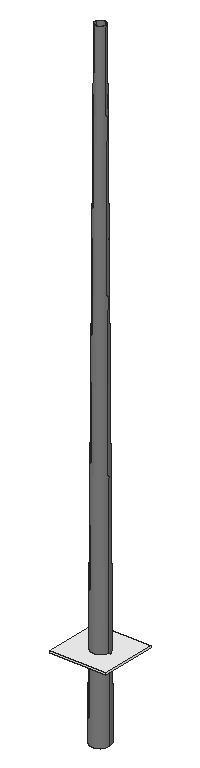
Revit family "BE_70914_de_DE", category Leuchten, Revit 2020
Family settings
  Basisbauteil = Fläche
  Bemaßung runder Anschluss = Durchmesser verwenden
  Teiletyp = Normal
  Beim Laden mit Abzugskörper schneiden = Ja
  Lichtquelle = Nein
  Gemeinsam genutzt = Nein
  Raumberechnungspunkt = Ja
Parameters (values of type "BEGA_70914_Grafit")
  Windangriffsfläche = "0.42 m²"
  Werkzeuglos = ""
  Default Elevation = 0 mm
  Umgebungstemperatur = "25 °C"
  URL = "https://www.bega.com/de/produkt/70914"
  Typenkommentare = "© 2022 BEGA. Wir behalten uns das Recht vor, technische Änderungen ohne vorherige Ankündigung vorzunehmen."  # constant formula
  Typenbild = 70914.png
  Spannung = 0 V
  Sonderanfertigung = no
  Seriennummer [instance] = "Hier können Sie die eindeutige Seriennummer für das Facility Management eintragen."
  Schutzklasse = ""
  Schutzart = ""
  Scheinlast = 0 VA
  Produktdatenblatt = "https://cdn.bega.com/bega/products/70914/current/documents/data-sheets/de"
  Oberflächentemperatur = ""
  Modell = "70914"
  Material_17 = BEGA_Reflektor
  Material_15 = BEGA_Leuchtmedium_matt
  Material_11 = BEGA_Glas_opal
  Material_09 = BEGA_Glas_klar
  Material_06 = BEGA_Oberfläche_Edelstahl_gebürstet
  Material_03 = BEGA_Oberfläche_Weiss_matt
  Material_02 = BEGA_Oberfläche_Silber_matt
  Material_01 [instance] = BEGA_Oberfläche_Grafit_matt
  Mastzopf_Ø [instance] = "76 mm"  # constant formula
  M_W = no
  M_G = yes
  M_A = no
  Logo = 0
  Leuchtenanzahl = ""
  Lastklassifizierung = Beleuchtung
  Hersteller = "BEGA"  # constant formula
  Halbstreuwinkel = ""
  Gewicht = "14.35 kg"
  Energieeffizienzklasse = ""
  ENEC = ""
  Dimmbar [instance] = ""
  CE_Konformität = "ja"
  Bestellnummer = "70914"
  Beschreibung_Sonderanfertigung = "Hier können Sie Informationen zur Sonderanfertigung eintragen."
  Beschreibung = "Lichtmast"
  BEGA_Intern_aus = yes
  BEGA_Intern_an = yes
  BEGA_Intern_Konstruktion = yes
  BEGA_Intern = yes
  BEGA_IES3 = yes
  BEGA_IES2 = yes
  BEGA_IES1 = yes
  BEGA_IES = yes
  BEGA_Dummy = no
  Anschlussleitung = ""
  Anschlusskasten = ""
  Aktualisierung = "2022-05-19T04:00:07"
  Abstand_zur_angestrahlten_Fläche [instance] = ""
Reference planes
  plane 1 "Mitte (Vorne/Hinten)": y = 0
  plane 2: z = 0
  plane 3 "Mitte (Links/Rechts)": x = 0
  plane 4 "Links": x = -69.835
  plane 5 "Rechts": x = 69.835
  plane 6 "Unten": y = -69.835
  plane 7 "Oben": y = 69.835
  plane 8 "Vorne": z = 4000
  plane 9 "Hinten": z = -600
Forms (mm)
  Extrusion 1, solid, material "BEGA_Platte_Weiss"
    sketch origin (0, -1119.2, 0) x (1, 0, 0) y (0, 1, 0)
      loop
        line (-200, 1319.2) -> (-200, 919.2) -> (200, 919.2) -> (200, 1319.2) -> (-200, 1319.2)
    from 0 to -10
  Extrusion 2, solid, material "BEGA_Dummy_matt", visible <- "BEGA_Dummy"
    sketch origin (77.149, -76.023, 0) x (1, 0, 0) y (0, 1, 0)
      loop
        circle (-77.149, 76.023) r 68.509
    from 0 to 4000
Dimensions and locks
  plane 1 "Mitte (Vorne/Hinten)" to Extrusion 1 = 200 mm
  aligned and locked: plane 2 to Extrusion 1
  aligned and locked: level to Extrusion 1
Nested families
  nested 1: "BE_70914" at (0, 0, 0), type "BE_70914"
Connectors
  electrical at (0, 0, 0), driven by "Lastklassifizierung", driven by "Spannung", driven by "Scheinlast"
    settings: index 1, voltage 0 V, apparent load 0 VA, apparent load phase1 0 VA, apparent load phase2 0 VA, apparent load phase3 0 VA, power factor 1, load classification "Beleuchtung", number of poles 1, system type 31, power factor state 1, is connector primary yes, connector utility no, sub classification motor no, connector description ""
Definition of nested family "BE_70914"
  Parameters (values of type "BE_70914")
    Default Elevation = 1 mm
    URL = "http://www.bega.de/de/produkt"
    Type Comments = "© 2015 BEGA. Wir behalten uns das Recht vor, technische Änderungen ohne vorherige Ankündigung vorzunehmen. "  # constant formula
    Type Image = (empty or 0)
    Neigungswinkel_um_Z2 = 0.00°
    Neigungswinkel_um_Z1 = 0.00°
    Neigungswinkel_um_Y2 = 0.00°
    Neigungswinkel_um_Y1 = 0.00°
    Neigungswinkel_um_X2 = 0.00°
    Neigungswinkel_um_X1 = 0.00°
    Material_17 = none
    Material_15 = none
    Material_11 = none
    Material_09 = none
    Material_06 = none
    Material_02 = none
    Material_01 = none
    M_W = yes
    M_G = yes
    M_A = yes
    Länge_Platte = 200 mm  # constant formula
    Höhe_Platte = -10 mm  # constant formula
    Manufacturer = "BEGA"  # constant formula
    Drehwinkel_um_Z2 = 0.00°
    Drehwinkel_um_Z1 = 0.00°
    Breite_Platte = 200 mm  # constant formula
  Reference planes
    plane 1 "Mitte (Oben/Unten)": y = 0
    plane 2: z = 0
    plane 3 "Mitte (Links/Rechts)": x = 0
    plane 4: z = -600
    plane 5: x = 69.835
    plane 6: z = 4000
    plane 7: x = -69.835
    plane 8: y = 69.835
    plane 9: y = -69.835
  Forms (mm)
    Extrusion 1, solid, detail levels medium
      sketch origin (0, 0, 0) x (1, 0, 0) y (0, 1, 0)
        loop
          line (-100, 100) -> (-100, -100) -> (100, -100) -> (100, 100) -> (-100, 100)
      from 0 to -10 <- "Höhe_Platte"
    Revolve 2, solid, material <- "Material_01"
      sketch origin (0, 0, 0) x (1, 0, 0) y (0, 0, 1)
        loop
          line (-34.665, 4000) -> (-38, 4000) -> (-68.509, -600) -> (-65.174, -600) -> (-34.665, 4000)
        axis (0, 4000) -> (0, -600)
      angle from 0 to 360
  Dimensions and locks
    equal spacing: Extrusion 1 sketch curve, plane 3 "Mitte (Links/Rechts)", Extrusion 1 sketch curve
    equal spacing: Extrusion 1 sketch curve, plane 1 "Mitte (Oben/Unten)", Extrusion 1 sketch curve
    "Länge_Platte": Extrusion 1 sketch curve to Extrusion 1 sketch curve
    "Breite_Platte": Extrusion 1 sketch curve to Extrusion 1 sketch curve
    Revolve 2 sketch curve to plane 3 "Mitte (Links/Rechts)" = 34.665 mm
    aligned and locked: plane 2 to Extrusion 1
    aligned and locked: level to Extrusion 1
  Automatic sketch dimensions
    Revolve 2 sketch curve to Revolve 2 sketch curve = 3.335 mm  (x2)
    Revolve 2 sketch curve to plane 3 "Mitte (Links/Rechts)" = 65.174 mm
    Revolve 2 sketch curve to plane 3 "Mitte (Links/Rechts)" = 0 mm
    Revolve 2 sketch curve to level = 600 mm
    Revolve 2 sketch curve to Revolve 2 sketch curve = 1050.964 mm
    Revolve 2 sketch curve to Revolve 2 sketch curve = 7.453 mm
    level to Revolve 2 sketch curve = 4000 mm
